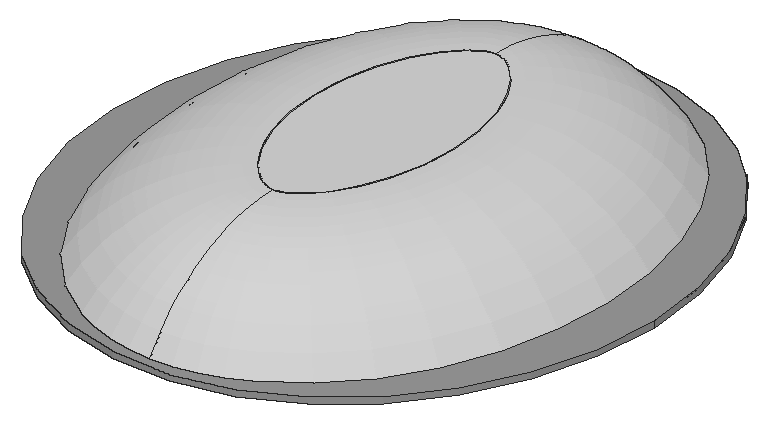
Revit family "4054968 Lighting Fixture_Sylvania_Brio IP65VR LED_Wall Surface", category Lighting Fixtures, host Face, Revit 2017
Family settings
  Host = Face
  Round Connector Dimension = Use Diameter
  Part Type = Normal
  OmniClass Number = 23.80.70.11.17
  OmniClass Title = Specialized Lighting by Location or Use
  Cut with Voids When Loaded = No
  Light Source = Yes
  Shared = No
  Room Calculation Point = No
Parameters (values of type "BRIO IP65VR LED 3000K")
  Width = 350.0 mm
  Weight = 3.00 kg  # constant formula
  Wattage = 20.321 W
  built-in parameter 1150110 = 1 (stored number, unit not read)
  Voltage Comments = "UNV (Universal Voltage; 220-240 Volt)"  # constant formula
  Voltage = 230 V  # constant formula
  URL = "https://www.sylvania-lighting.com/"
  built-in parameter 1114217 = 1 (stored number, unit not read)
  Tilt Angle = -90.00°  # constant formula
  built-in parameter 1150109 = 1 (stored number, unit not read)
  built-in parameter 1150134 = (empty or 0)
  built-in parameter 1150113 = 1 (stored number, unit not read)
  Product Page URL = "https://www.sylvania-lighting.com/product/en-int/products/4054968"
  Product Family = "BRIO IP65 Vandal Resistant LED"  # constant formula
  Photometry Comments = ""
  Photometric Web File = "4054968_BRIOIP65VRLED3000K700mABlack-133205.ies"
  built-in parameter 1150105 = 100.75 (stored number, unit not read)
  Lumens = 1266 lm
  built-in parameter 1150115 = 1 (stored number, unit not read)
  built-in parameter 1150137 = (empty or 0)
  built-in parameter 1150139 = (empty or 0)
  Life = "50 000h"  # constant formula
  Length = 395.0 mm
  built-in parameter 1150112 = 1 (stored number, unit not read)
  built-in parameter 1150114 = 1 (stored number, unit not read)
  Lamp Comments = "Integrated LED"
  LOR = "44 %"  # constant formula
  built-in parameter 1150132 = 2
  built-in parameter 1150102 = (empty or 0)
  built-in parameter 1150107 = 3000 (stored number, unit not read)
  built-in parameter 1150138 = (empty or 0)
  built-in parameter 1150106 = 1.0075 (stored number, unit not read)
  IK Rating = "IK10"  # constant formula
  built-in parameter 1150104 = 5.7879 (stored number, unit not read)
  Drive Current = "700mA"  # constant formula
  Dimming Lamp Color Temperature Shift = <None>
  Color Filter = 16777215
  Body Material = Aluminum_Sylvania_Brio IP65 LED_Black
  built-in parameter 1114218 = 1 (stored number, unit not read)
  built-in parameter 1150133 = 10 (stored number, unit not read)
  IP Rating = "IP65"  # constant formula
  built-in parameter 1114216 [instance] = 1 (stored number, unit not read)
  Model = "4054968 BRIO IP65VR LED 3000K"
  Manufacturer = "Feilo-Sylvania Group"
  Lamp = "LED 3000K"
  Diffuser Material = Polycarbonate_Sylvania_Brio IP65 LED_Opal
  Description = "Significant energy savings compared to traditional CFL and 2D fixtures. Excellent flashing provides perfect homogenous light distribution. Unique feature allowing a choice between High Output or High efficiency with the flick of a switch. 50,000 hours life, providing a maintenance free lighting solution. Attractive, tough IK10 impact resistant construction. 104-119mm discrete profile. Aesthetically pleasing designs. IP65 water jet proof. Option to add microwave sensor for maximum energy savings"  # constant formula
  Default Elevation = 0.0 mm
  built-in parameter 1140040 [instance] = 1
  Assembly Code = "D5020200"
  Apparent Load Comments = ""
  Apparent Load = 22 VA
Reference planes
  plane 1 "Center (Front/Back)": y = 0
  plane 2 "Fixture Top": z = 0
  plane 3 "Center (Left/Right)": x = -40
  plane 4 "Fixture Back": y = 197.5
  plane 5 "Fixture Front": y = -197.5
  plane 6 "Diffuser Plane": z = 4
  plane 7 "Light Source Plane": z = 58
  plane 8: z = 56
  plane 9: y = 190
  plane 10: y = -190
  plane 11 "Fixture Left": x = -215
  plane 12 "Fixture Right": x = 135
  plane 13: x = 105
  plane 14: x = -185
  plane 15: y = 90
  plane 16: y = -90
  plane 17: x = 5
  plane 18: x = -85
Forms (mm)
  Sweep 1, solid, material "Polycarbonate_Sylvania_Brio IP65 LED_Opal" <- "Diffuser Material"
    path origin (0, 0, 4) x (-1, 0, 0) y (0, -1, 0)
      loop
        spline (40, -190) -> (77.529, -183.526) -> (112.5, -164.545) -> (142.53, -134.35) -> (165.574, -95) -> (180.059, -49.176) -> (185, 0) -> (180.059, 49.176) -> (165.574, 95) -> (142.53, 134.35) -> (112.5, 164.545) -> (77.529, 183.526) -> (40, 190)
        spline (40, 190) -> (2.471, 183.526) -> (-32.5, 164.545) -> (-62.53, 134.35) -> (-85.574, 95) -> (-100.059, 49.176) -> (-105, 0) -> (-100.059, -49.176) -> (-85.574, -95) -> (-62.53, -134.35) -> (-32.5, -164.545) -> (2.471, -183.526) -> (40, -190)
    profile origin (105, 0, 4) x (1, 0, 0) y (0, 0, 1)
      loop
        arc (-100, 52) -> (-44.706, 38.189) -> (-2.401, 0) r 117.593
        line (-2.401, 0) -> (0, 0)
        arc (0, 0) -> (-43.176, 39.638) -> (-100, 54) r 119.593
        line (-100, 54) -> (-100, 52)
  Extrusion 2, solid, material "Polycarbonate_Sylvania_Brio IP65 LED_Opal" <- "Diffuser Material"
    sketch origin (0, 0, 0) x (1, 0, 0) y (0, 1, 0)
      loop
        spline (-40, 90) -> (-44.405, 89.172) -> (-52.17, 84.793) -> (-63.035, 73.683) -> (-74.062, 54.679) -> (-82.086, 29.141) -> (-85, 0) -> (-82.086, -29.141) -> (-74.062, -54.679) -> (-63.035, -73.683) -> (-52.17, -84.793) -> (-44.405, -89.172) -> (-40, -90)
        spline (-40, -90) -> (-35.595, -89.172) -> (-27.83, -84.793) -> (-16.965, -73.683) -> (-5.938, -54.679) -> (2.086, -29.141) -> (5, 0) -> (2.086, 29.141) -> (-5.938, 54.679) -> (-16.965, 73.683) -> (-27.83, 84.793) -> (-35.595, 89.172) -> (-40, 90)
    from 56 to 58
  Extrusion 3, solid, material "Aluminum_Sylvania_Brio IP65 LED_Black" <- "Body Material"
    sketch origin (0, 0, 0) x (1, 0, 0) y (0, 1, 0)
      loop
        spline (135, 0) -> (129.037, 51.117) -> (111.554, 98.75) -> (83.744, 139.654) -> (47.5, 171.04) -> (5.293, 190.77) -> (-40, 197.5) -> (-85.293, 190.77) -> (-127.5, 171.04) -> (-163.744, 139.654) -> (-191.554, 98.75) -> (-209.037, 51.117) -> (-215, 0)
        spline (-215, 0) -> (-209.037, -51.117) -> (-191.554, -98.75) -> (-163.744, -139.654) -> (-127.5, -171.04) -> (-85.293, -190.77) -> (-40, -197.5) -> (5.293, -190.77) -> (47.5, -171.04) -> (83.744, -139.654) -> (111.554, -98.75) -> (129.037, -51.117) -> (135, 0)
    from 0 to 4
Lines and regions (mm)
  model lines
    curve 1: line (-85, 0, 58) -> (5, 0, 58)
    curve 2: line (5, 0, 58) -> (-85, 0, 58)
Dimensions and locks
  equal spacing: plane 4 "Fixture Back", plane 1 "Center (Front/Back)", plane 5 "Fixture Front"
  "Length": plane 4 "Fixture Back" to plane 5 "Fixture Front"
  locked: plane 6 "Diffuser Plane" to plane 2 "Fixture Top" at 4
  locked: plane 8 to plane 6 "Diffuser Plane" at 52
  locked: plane 7 "Light Source Plane" to plane 8 at 2
  locked: plane 4 "Fixture Back" to plane 9 at 7.5
  locked: plane 10 to plane 5 "Fixture Front" at 7.5
  equal spacing: plane 11 "Fixture Left", plane 3 "Center (Left/Right)", plane 12 "Fixture Right"
  "Width": plane 11 "Fixture Left" to plane 12 "Fixture Right"
  locked: plane 13 to plane 12 "Fixture Right" at 30
  locked: plane 11 "Fixture Left" to plane 14 at 30
  locked: plane 11 "Fixture Left" to plane 18 at 130
  locked: plane 4 "Fixture Back" to plane 15 at 107.5
  locked: plane 16 to plane 5 "Fixture Front" at 107.5
  locked: plane 17 to plane 12 "Fixture Right" at 130
  aligned and locked: host face to plane 2 "Fixture Top"
  aligned and locked: host face to level
  aligned and locked: Extrusion 2 to plane 8
  aligned and locked: Extrusion 3 to plane 2 "Fixture Top"
  aligned and locked: plane 6 "Diffuser Plane" to Extrusion 3
  aligned and locked: plane 3 "Center (Left/Right)" to Sweep 1 sketch curve  (x2)
  aligned and locked: plane 9 to Sweep 1 sketch curve
  aligned and locked: plane 3 "Center (Left/Right)" to Extrusion 2 sketch curve  (x2)
  aligned and locked: plane 15 to Extrusion 2 sketch curve
  aligned and locked: plane 16 to Extrusion 2 sketch curve
  aligned and locked: imposter light to plane 3 "Center (Left/Right)"
  aligned and locked: imposter light to plane 1 "Center (Front/Back)"
  aligned and locked: plane 7 "Light Source Plane" to imposter light
Automatic sketch dimensions
  host sketch curve to host sketch curve = 1004.319 mm
  host sketch curve to host sketch curve = 1058.005 mm
  plane 1 "Center (Front/Back)" to curve 1 = 0.0 mm
  plane 1 "Center (Front/Back)" to curve 2 = 0.0 mm
  plane 3 "Center (Left/Right)" to curve 1 = 45.0 mm
  curve 2 to curve 1 = 0.0 mm
  curve 2 to plane 3 "Center (Left/Right)" = 45.0 mm
  curve 1 to curve 2 = 0.0 mm
  Sweep 1 sketch curve to Sweep 1 sketch curve = 0.0 mm  (x2)
  Sweep 1 sketch curve to plane 6 "Diffuser Plane" = 0.0 mm
  profile plane to Sweep 1 sketch curve = 0.0 mm
  plane 6 "Diffuser Plane" to Sweep 1 sketch curve = 52.0 mm
  Sweep 1 sketch curve to Sweep 1 sketch curve = 2.401 mm
  profile plane to Sweep 1 sketch curve = 100.0 mm
  plane 1 "Center (Front/Back)" to Sweep 1 sketch curve = 0.0 mm
  Sweep 1 sketch curve to plane 13 = 0.0 mm
  Sweep 1 sketch curve to plane 14 = 0.0 mm
  Extrusion 2 sketch curve to plane 3 "Center (Left/Right)" = 0.0 mm
  plane 16 to Extrusion 2 sketch curve = 0.0 mm
  Extrusion 2 sketch curve to plane 15 = 0.0 mm
  plane 1 "Center (Front/Back)" to Extrusion 3 sketch curve = 0.0 mm
  Extrusion 3 sketch curve to plane 3 "Center (Left/Right)" = 0.0 mm
  Extrusion 3 sketch curve to plane 12 "Fixture Right" = 0.0 mm
Connectors
  electrical at (-40, 0, 0), driven by "Voltage", driven by "Apparent Load"
    settings: on Extrusion 3, index 1, voltage 230 V, apparent load 0 VA, apparent load phase1 22 VA, apparent load phase2 0 VA, apparent load phase3 0 VA, power factor 1, load classification "Lighting", number of poles 1, system type 31, power factor state 1, is connector primary yes, connector utility no, sub classification motor no, connector description ""
